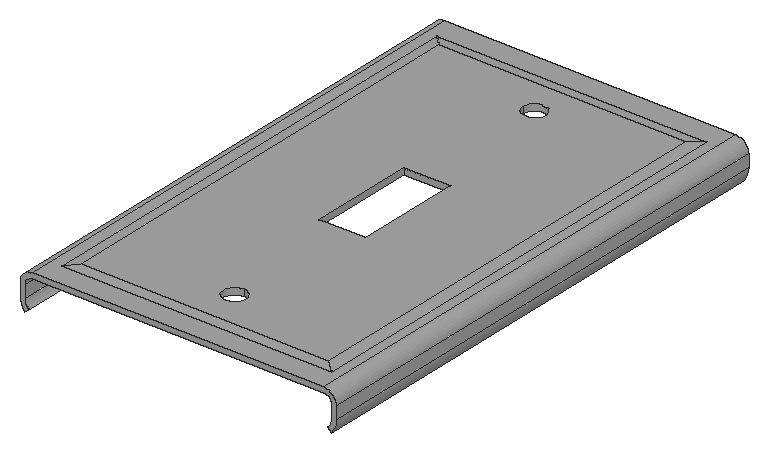
Revit family "Specialty_Equipment-Metal_Raceway-Hubbell_Wiring-Switch_Cover-HBL3040CE", category Specialty Equipment, host Face, Revit 2015
Parameters (values of type "HBL3040CEGY")
  URL = "http://www.hubbell-wiring.com/"
  Product data url = "https://bimobject.com/hubbellwiring/product/hubbell-metal-raceway-hbl3000"
  Product Page URL = "http://ecatalog.hubbell-wiring.com/ProductInformation/ViewCatalog.aspx?Dest=hubbell-wiring.com/press/catalog/r.pdf"
  Product Documentation Link = "http://www.hubbellcatalog.com/hubbellpremise/datasheets/MRaceway18-25.pdf"
  Model = "HBL3040CEGY"
  Manufacturer = "Hubbell Wiring Device Kellems"  # constant formula
  Host Note = "Add in Section View; Host to Wall"  # constant formula
  Description = "Switch Cover"  # constant formula
  Default Elevation = 48.00"
  Cable Tray Material = Metal-Hubbell-Gray
  B = 2.75"
  Assembly Code = "D5090900"
  A = 4.50"
Types (3): name | Model | Cable Tray Material
  (no name) | "HBL3040CEIV" | Metal-Hubbell-Ivory
  HBL3040CEIV | "HBL3040CEIV" | Metal-Hubbell-Ivory
  HBL3040CEGY | "HBL3040CEGY" | Metal-Hubbell-Gray
Reference planes (in)
  plane 1 "Center (Front/Back)": y = 0
  plane 2: z = 0
  plane 3 "Center (Left/Right)": x = 0
  plane 4: z = 1.47
  plane 5: y = 2.25
  plane 6: y = -2.25
  plane 7: x = -1.375
  plane 8: x = 1.375
  plane 9: y = 1.625
  plane 10: y = -1.625
  plane 11: z = 1.47836
  plane 12: z = 1.53
Forms (in)
  Extrusion 1, solid, material "Metal-Hubbell-Gray" <- "Cable Tray Material"
    sketch origin (0, 0, -5.35247) x (1, 0, 0) y (0, 0, 1)
      loop
        arc (-1.38844, 6.65155) -> (-1.37755, 6.59254) -> (-1.34633, 6.5413) r 0.16538
        line (-1.34633, 6.5413) -> (-1.31346, 6.5707)
        arc (-1.31346, 6.5707) -> (-1.33635, 6.60828) -> (-1.34434, 6.65155) r 0.12127
        line (-1.34434, 6.65155) -> (-1.34434, 6.7618)
        arc (-1.34434, 6.7618) -> (-1.32496, 6.80858) -> (-1.27819, 6.82795) r 0.06615
        line (-1.27819, 6.82795) -> (1.27069, 6.82795)
        arc (1.27069, 6.82795) -> (1.31746, 6.80858) -> (1.33684, 6.7618) r 0.06615
        line (1.33684, 6.7618) -> (1.33684, 6.65155)
        arc (1.33684, 6.65155) -> (1.32885, 6.60828) -> (1.30596, 6.5707) r 0.12127
        line (1.30596, 6.5707) -> (1.33883, 6.5413)
        arc (1.33883, 6.5413) -> (1.37005, 6.59254) -> (1.38094, 6.65155) r 0.16537
        line (1.38094, 6.65155) -> (1.38094, 6.7618)
        arc (1.38094, 6.7618) -> (1.34865, 6.83976) -> (1.27069, 6.87205) r 0.11025
        line (1.27069, 6.87205) -> (-1.27819, 6.87205)
        arc (-1.27819, 6.87205) -> (-1.35615, 6.83976) -> (-1.38844, 6.7618) r 0.11025
        line (-1.38844, 6.7618) -> (-1.38844, 6.65155)
    from -2.25 to 2.25
  Blend 2, solid, material "Metal-Hubbell-Gray" <- "Cable Tray Material"
    base sketch origin (-1.78194, -180, 1.47836) x (-1, 0, 0) y (0, -1, 0)
      loop
        line (-0.5935, -182.05) -> (-0.5935, -177.95) -> (-2.95694, -177.95) -> (-2.95694, -182.05) -> (-0.5935, -182.05)
    top sketch origin (-1.78194, -180, 1.47836) x (-1, 0, 0) y (0, -1, 0)
      loop
        line (-2.85694, -181.95) -> (-0.6935, -181.95) -> (-0.6935, -178.05) -> (-2.85694, -178.05) -> (-2.85694, -181.95)
    from 0.04122 to 0.05164
  Extrusion 3, void, detail levels medium+fine
    sketch origin (-1.78194, -180, 1.47836) x (0, -1, 0) y (-1, 0, 0)
      loop
        circle (-181.64, -1.78194) r 0.1
      loop
        line (-180.465, -1.98694) -> (-179.535, -1.98694) -> (-179.535, -1.57694) -> (-180.465, -1.57694) -> (-180.465, -1.98694)
      loop
        circle (-178.36, -1.78194) r 0.1
    from -0.05164 to 0.28953
Cuts and joins
  Extrusion 3 cuts Extrusion 1
  Extrusion 3 cuts Blend 2
  joined: Extrusion 1, Blend 2
Lines and regions (in)
  symbolic lines
    curve 1: line (0, 2.25, 1.18883) -> (0, -2.25, 1.18883)
    curve 2: line (0, 2.25, 1.52236) -> (0, 2.25, 1.18883)
    curve 3: line (0, -2.25, 1.52236) -> (0, 2.25, 1.52236)
    curve 4: line (0, -2.25, 1.18883) -> (0, -2.25, 1.52236)
    curve 37: line (-1.38844, -2.25, 0) -> (1.375, -2.25, 0)
    curve 38: line (-1.38844, 2.25, 0) -> (-1.38844, -2.25, 0)
    curve 39: line (1.375, 2.25, 0) -> (-1.38844, 2.25, 0)
    curve 40: line (1.375, -2.25, 0) -> (1.375, 2.25, 0)
  reference lines
    curve 5: line (-1.34434, 0, 1.29908) -> (-1.34434, 0, 1.40933)
    curve 6: arc (-1.34434, 0, 1.40933) -> (-1.32496, 0, 1.45611) -> (-1.27819, 0, 1.47548) r 0.06615
    curve 7: line (-1.27819, 0, 1.47548) -> (1.27069, 0, 1.47548)
    curve 8: arc (1.27069, 0, 1.47548) -> (1.31746, 0, 1.45611) -> (1.33684, 0, 1.40933) r 0.06615
    curve 9: line (1.33684, 0, 1.40933) -> (1.33684, 0, 1.29908)
    curve 10: arc (1.33684, 0, 1.29908) -> (1.32885, 0, 1.25581) -> (1.30596, 0, 1.21823) r 0.12127
    curve 11: line (1.30596, 0, 1.21823) -> (1.33883, 0, 1.18883)
    curve 12: arc (1.33883, 0, 1.18883) -> (1.37005, 0, 1.24008) -> (1.38094, 0, 1.29908) r 0.16537
    curve 13: line (1.38094, 0, 1.29908) -> (1.38094, 0, 1.40933)
    curve 14: arc (1.38094, 0, 1.40933) -> (1.34865, 0, 1.48729) -> (1.27069, 0, 1.51958) r 0.11025
    curve 15: line (1.27069, 0, 1.51958) -> (-1.27819, 0, 1.51958)
    curve 16: arc (-1.27819, 0, 1.51958) -> (-1.35615, 0, 1.48729) -> (-1.38844, 0, 1.40933) r 0.11025
    curve 17: line (-1.38844, 0, 1.40933) -> (-1.38844, 0, 1.29908)
    curve 18: arc (-1.38844, 0, 1.29908) -> (-1.37755, 0, 1.24008) -> (-1.34633, 0, 1.18883) r 0.16538
    curve 19: line (-1.34633, 0, 1.18883) -> (-1.31346, 0, 1.21823)
    curve 20: arc (-1.31346, 0, 1.21823) -> (-1.33635, 0, 1.25581) -> (-1.34434, 0, 1.29908) r 0.12127
    curve 21: line (-1.34434, 0, 1.29908) -> (-1.34434, 0, 1.40933)
    curve 22: arc (-1.34434, 0, 1.40933) -> (-1.32496, 0, 1.45611) -> (-1.27819, 0, 1.47548) r 0.06615
    curve 23: line (-1.27819, 0, 1.47548) -> (1.27069, 0, 1.47548)
    curve 24: arc (1.27069, 0, 1.47548) -> (1.31746, 0, 1.45611) -> (1.33684, 0, 1.40933) r 0.06615
    curve 25: line (1.33684, 0, 1.40933) -> (1.33684, 0, 1.29908)
    curve 26: arc (1.33684, 0, 1.29908) -> (1.32885, 0, 1.25581) -> (1.30596, 0, 1.21823) r 0.12127
    curve 27: line (1.30596, 0, 1.21823) -> (1.33883, 0, 1.18883)
    curve 28: arc (1.33883, 0, 1.18883) -> (1.37005, 0, 1.24008) -> (1.38094, 0, 1.29908) r 0.16537
    curve 29: line (1.38094, 0, 1.29908) -> (1.38094, 0, 1.40933)
    curve 30: arc (1.38094, 0, 1.40933) -> (1.34865, 0, 1.48729) -> (1.27069, 0, 1.51958) r 0.11025
    curve 31: line (1.27069, 0, 1.51958) -> (-1.27819, 0, 1.51958)
    curve 32: arc (-1.27819, 0, 1.51958) -> (-1.35615, 0, 1.48729) -> (-1.38844, 0, 1.40933) r 0.11025
    curve 33: line (-1.38844, 0, 1.40933) -> (-1.38844, 0, 1.29908)
    curve 34: arc (-1.38844, 0, 1.29908) -> (-1.37755, 0, 1.24008) -> (-1.34633, 0, 1.18883) r 0.16538
    curve 35: line (-1.34633, 0, 1.18883) -> (-1.31346, 0, 1.21823)
    curve 36: arc (-1.31346, 0, 1.21823) -> (-1.33635, 0, 1.25581) -> (-1.34434, 0, 1.29908) r 0.12127
    curve 41: arc (0.1, 1.64, 1.47836) -> (0, 1.54, 1.47836) -> (-0.1, 1.64, 1.47836) r 0.1
    curve 42: arc (-0.1, 1.64, 1.47836) -> (0, 1.74, 1.47836) -> (0.1, 1.64, 1.47836) r 0.1
    curve 43: circle (0, -1.64, 1.47836) r 0.1 normal (0, 0, -1)
    curve 44: line (-0.205, -0.465, 1.47836) -> (0.205, -0.465, 1.47836)
    curve 45: line (-0.205, 0.465, 1.47836) -> (-0.205, -0.465, 1.47836)
    curve 46: line (0.205, 0.465, 1.47836) -> (-0.205, 0.465, 1.47836)
    curve 47: line (0.205, -0.465, 1.47836) -> (0.205, 0.465, 1.47836)
  symbolic lines, style "Symbolic lines"
    curve 48: line (1.27069, 0, 1.51958) -> (-1.27819, 0, 1.51958)
    curve 49: arc (-1.27819, 0, 1.51958) -> (-1.35615, 0, 1.48729) -> (-1.38844, 0, 1.40933) r 0.11025
    curve 50: line (-1.38844, 0, 1.40933) -> (-1.38844, 0, 1.29908)
    curve 51: arc (-1.38844, 0, 1.29908) -> (-1.37755, 0, 1.24008) -> (-1.34633, 0, 1.18883) r 0.16538
    curve 52: line (-1.34633, 0, 1.18883) -> (-1.31346, 0, 1.21823)
    curve 53: arc (-1.31346, 0, 1.21823) -> (-1.33635, 0, 1.25581) -> (-1.34434, 0, 1.29908) r 0.12127
    curve 54: line (-1.34434, 0, 1.29908) -> (-1.34434, 0, 1.40933)
    curve 55: arc (-1.34434, 0, 1.40933) -> (-1.32496, 0, 1.45611) -> (-1.27819, 0, 1.47548) r 0.06615
    curve 56: line (-1.27819, 0, 1.47548) -> (1.27069, 0, 1.47548)
    curve 57: arc (1.27069, 0, 1.47548) -> (1.31746, 0, 1.45611) -> (1.33684, 0, 1.40933) r 0.06615
    curve 58: line (1.33684, 0, 1.40933) -> (1.33684, 0, 1.29908)
    curve 59: arc (1.33684, 0, 1.29908) -> (1.32885, 0, 1.25581) -> (1.30596, 0, 1.21823) r 0.12127
    curve 60: line (1.30596, 0, 1.21823) -> (1.33883, 0, 1.18883)
    curve 61: arc (1.33883, 0, 1.18883) -> (1.37005, 0, 1.24008) -> (1.38094, 0, 1.29908) r 0.16537
    curve 62: line (1.38094, 0, 1.29908) -> (1.38094, 0, 1.40933)
    curve 63: arc (1.38094, 0, 1.40933) -> (1.34865, 0, 1.48729) -> (1.27069, 0, 1.51958) r 0.11025
  symbolic lines, detail levels medium+fine
    curve 64: arc (0.1, 1.64, 1.47836) -> (0, 1.54, 1.47836) -> (-0.1, 1.64, 1.47836) r 0.1
    curve 65: arc (-0.1, 1.64, 1.47836) -> (0, 1.74, 1.47836) -> (0.1, 1.64, 1.47836) r 0.1
    curve 66: line (0.205, 0.465, 1.47836) -> (-0.205, 0.465, 1.47836)
    curve 67: line (-0.205, 0.465, 1.47836) -> (-0.205, -0.465, 1.47836)
    curve 68: line (-0.205, -0.465, 1.47836) -> (0.205, -0.465, 1.47836)
    curve 69: line (0.205, -0.465, 1.47836) -> (0.205, 0.465, 1.47836)
    curve 70: circle (0, -1.64, 1.47836) r 0.1 normal (0, 0, -1)
Dimensions and locks (in)
  equal spacing: plane 5, plane 1 "Center (Front/Back)", plane 6
  "A": plane 5 to plane 6
  "B": plane 7 to plane 8
  equal spacing: plane 9, plane 1 "Center (Front/Back)", plane 10, locked at 1.625 each
  plane 4 to host face = 1.47"
  equal spacing: plane 8, plane 3 "Center (Left/Right)", plane 7
  locked: cut or joined group of Extrusion 1, Blend 2, Extrusion 3 to Blend 2 sketch curve at 0.2
  locked: plane 6 to Blend 2 sketch curve at 0.2
  locked: curve 38 to Blend 2 sketch curve at 0.2
  curve 38 to Blend 2 sketch curve = 0.20"
  locked: var sketch to Blend 2 sketch curve at 0.1  (x3)
  locked: Blend 2 sketch curve to var sketch at 0.1
  equal spacing: curve 46, plane 1 "Center (Front/Back)", curve 44
  equal spacing: curve 45, plane 3 "Center (Left/Right)", curve 47
  curve 45 to curve 47 = 0.41"
  curve 46 to curve 44 = 0.93"
  plane 12 to plane 4 = 0.06"
  aligned and locked: plane 2 to host face
  aligned and locked: level to host face
  aligned and locked: Extrusion 1 to plane 6
  aligned and locked: plane 5 to Extrusion 1
  aligned and locked: curve 2 to Extrusion 1
  aligned and locked: curve 4 to Extrusion 1
  aligned and locked: Extrusion 1 sketch curve to curve 34
  aligned and locked: Extrusion 1 sketch curve to curve 32
  aligned and locked: Extrusion 1 sketch curve to curve 30
  aligned and locked: Extrusion 1 sketch curve to curve 28
  aligned and locked: Extrusion 1 sketch curve to curve 27
  aligned and locked: Extrusion 1 sketch curve to curve 26
  aligned and locked: Extrusion 1 sketch curve to curve 24
  aligned and locked: Extrusion 1 sketch curve to curve 22
  aligned and locked: Extrusion 1 sketch curve to curve 36
  aligned and locked: Extrusion 1 sketch curve to curve 35
  aligned and locked: curve 1 to Extrusion 1
  aligned and locked: curve 37 to Extrusion 1
  aligned and locked: curve 38 to Extrusion 1
  aligned and locked: plane 5 to curve 39
  aligned and locked: curve 40 to plane 8
  aligned and locked: Extrusion 3 sketch curve to curve 41
  aligned and locked: Extrusion 3 sketch curve to curve 42
  aligned and locked: Extrusion 3 sketch curve to curve 46
  aligned and locked: Extrusion 3 sketch curve to curve 45
  aligned and locked: Extrusion 3 sketch curve to curve 44
  aligned and locked: Extrusion 3 sketch curve to curve 47
  aligned and locked: Extrusion 3 sketch curve to curve 43
  aligned and locked: Extrusion 1 to Extrusion 3
  aligned and locked: curve 49 to cut or joined group of Extrusion 1, Blend 2, Extrusion 3
  aligned and locked: curve 51 to cut or joined group of Extrusion 1, Blend 2, Extrusion 3
  aligned and locked: curve 52 to cut or joined group of Extrusion 1, Blend 2, Extrusion 3
  aligned and locked: curve 53 to cut or joined group of Extrusion 1, Blend 2, Extrusion 3
  aligned and locked: curve 55 to cut or joined group of Extrusion 1, Blend 2, Extrusion 3
  aligned and locked: curve 57 to cut or joined group of Extrusion 1, Blend 2, Extrusion 3
  aligned and locked: curve 59 to cut or joined group of Extrusion 1, Blend 2, Extrusion 3
  aligned and locked: curve 60 to cut or joined group of Extrusion 1, Blend 2, Extrusion 3
  aligned and locked: curve 61 to cut or joined group of Extrusion 1, Blend 2, Extrusion 3
  aligned and locked: curve 63 to cut or joined group of Extrusion 1, Blend 2, Extrusion 3
  aligned and locked: Blend 2 to Extrusion 1
  aligned and locked: Blend 2 to Extrusion 3
  aligned and locked: plane 12 to Blend 2
  aligned and locked: curve 64 to curve 41
  aligned and locked: curve 65 to curve 42
  aligned and locked: curve 66 to curve 46
  aligned and locked: curve 67 to curve 45
  aligned and locked: curve 68 to curve 44
  aligned and locked: curve 69 to curve 47
  aligned and locked: curve 70 to curve 43
Automatic sketch dimensions
  host sketch curve to host sketch curve = 96.00"  (x2)
  plane 4 to curve 3 = 0.05236"
  curve 6 to curve 16 = 0.00"  (x2)
  curve 6 to curve 22 = 0.00"  (x2)
  curve 6 to curve 32 = 0.00"  (x2)
  curve 8 to curve 14 = 0.00"  (x2)
  curve 8 to curve 24 = 0.00"  (x2)
  curve 8 to curve 30 = 0.00"  (x2)
  curve 10 to curve 12 = 0.00"  (x2)
  curve 10 to curve 26 = 0.00"  (x2)
  curve 10 to curve 28 = 0.00"  (x2)
  curve 12 to curve 26 = 0.00"  (x2)
  curve 12 to curve 28 = 0.00"  (x2)
  curve 14 to curve 24 = 0.00"  (x2)
  curve 14 to curve 30 = 0.00"  (x2)
  curve 16 to curve 22 = 0.00"  (x2)
  curve 16 to curve 32 = 0.00"  (x2)
  curve 18 to curve 20 = 0.00"  (x2)
  curve 18 to curve 34 = 0.00"  (x2)
  curve 18 to curve 36 = 0.00"  (x2)
  curve 20 to curve 34 = 0.00"  (x2)
  curve 20 to curve 36 = 0.00"  (x2)
  curve 22 to curve 32 = 0.00"  (x2)
  curve 24 to curve 30 = 0.00"  (x2)
  curve 26 to curve 28 = 0.00"  (x2)
  curve 34 to curve 36 = 0.00"  (x2)
  curve 16 to plane 7 = 0.01344"
  plane 7 to curve 34 = 0.02867"
  plane 7 to curve 21 = 0.03066"
  curve 19 to curve 36 = 0.03287"
  plane 4 to curve 7 = 0.00548"
  curve 5 to curve 7 = 0.06615"
  curve 19 to curve 20 = 0.09039"
  plane 8 to curve 26 = 0.15944"
  curve 30 to plane 4 = 0.06067"
  plane 8 to curve 30 = 0.10431"
  plane 8 to curve 26 = 0.06904"
  plane 8 to curve 12 = 0.03617"
  curve 36 to curve 22 = 0.11025"
  curve 10 to curve 8 = 0.11025"
  plane 8 to Blend 2 sketch curve = 0.20"
  curve 41 to plane 3 "Center (Left/Right)" = 0.00"
  curve 43 to plane 3 "Center (Left/Right)" = 0.00"
  plane 9 to curve 41 = 0.015"
  plane 3 "Center (Left/Right)" to curve 41 = 0.10"
  curve 43 to plane 10 = 0.015"
  radius of curve 43 = 0.10"
